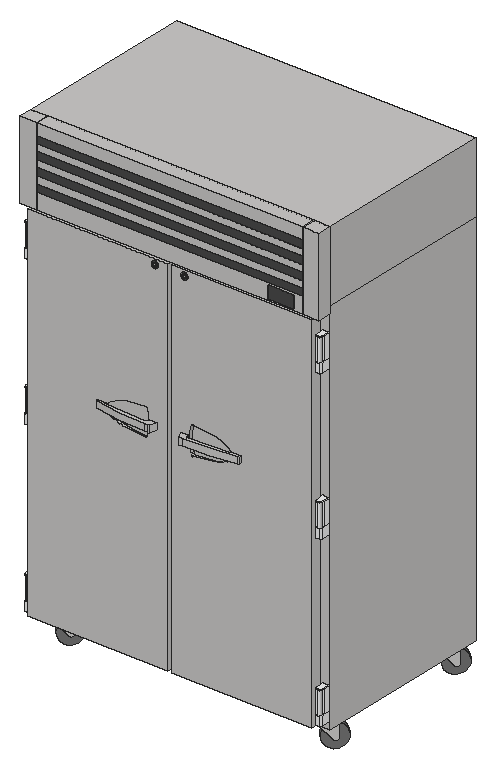
Revit family "QF_Turbo Air_PRO-50F", category Specialty Equipment, Revit 2014
Parameters
  Width = 4' - 3 3/4"  # constant formula
  Weight in Pounds = 496
  Watermarked By = ""
  Volts = 115 V
  URL Cutsheet = ""
  URL = "www.turboairinc.com"
  Status [instance] = ""
  Specification by User [instance] = ""
  Specification by Manufacturer [instance] = ""
  Serial Number [instance] = ""
  Revision Code [instance] = ""
  Phase = 1
  Overall Height [instance] = Box Height + CasterLeg Height  # 6' - 11"
  Number of Poles [instance] = 1
  NAFEM Spec ID Number [instance] = ""
  Model = "PRO-50F"
  Masterspec [instance] = ""
  Manufacturer = "Turbo Air"  # constant formula
  Door Height = 5' - 3 1/4"  # constant formula
  Description = "Freezer, Reach In"
  Assembly Code = "E1090320"
  6 inch Legs [instance] = no
  Item Number [instance] = "-"
  Installed By [instance] = ""
  HP = "1 1/4"
  Furnished By [instance] = ""
  Foodservice Equipment Identifier = yes
  FL Amps = 10.5 A
  Electrical Remarks [instance] = ""
  Electric Connection Type = ""
  Elec Conn RI Height [instance] = 0' - 0"
  Elec Conn Connection Height = 6' - 4 7/8"
  Cycle = 60 Hz
  Conn Plug = "NEMA 5-15P"
  Casters [instance] = not([6 inch Legs])  # yes
  CasterLeg Height [instance] = if(or([5 inch Casters], [6 inch Legs]), 0' 6", 0' 5")  # 0' - 5"
  CSI MasterFormat = "11 41 13"
  Box Height = 6' - 6"  # constant formula
  Apparent Power = if(Phase = 3, Volts * FL Amps * 1.73, Volts * FL Amps)  # 1207.5 VA
  5 inch Casters [instance] = no
Reference planes (in)
  plane 1 "BACK": y = 0
  plane 2: z = 0
  plane 3 "LEFT": x = -16.56573
  plane 4 "RIGHT": x = 35.18427
  plane 5 "FRONT": y = -33.875
  plane 6 "Box Front": y = -31.5
  plane 7 "Door Clearance": y = -57.75
  plane 8 "TOP": z = 83
  plane 9 "Box Bottom": z = 5
  plane 10 "Door Bottom": z = 5.875
  plane 11 "Door Top": z = 69.125
  plane 12 "Inside Left": x = -14.56573
  plane 13 "Inside Right": x = 33.18427
  plane 14 "Inside Back": y = -2
  plane 15 "Inside Front": y = -29.5
  plane 16 "Inside Top": z = 70.75
  plane 17 "Center LR": x = 9.30927
  plane 18 "Cowl Bottom": z = 69.5
  plane 19 "Left Door Left": x = -15.31573
  plane 20 "Left Door Right": x = 8.93427
  plane 21 "Right Door Left": x = 9.68427
  plane 22 "Right Door Right": x = 33.93427
Forms (in)
  Extrusion 1, solid, material "QF_Stainless-Polished"
    sketch origin (0, 0, 5) x (0, 1, 0) y (-1, 0, 0)
      loop
        line (-31.5, 16.56573) -> (-31.5, 13.81573) -> (-29.5, 13.81573) -> (-29.5, 14.56573) -> (-2, 14.56573) -> (-2, -33.18427) -> (-29.5, -33.18427) -> (-29.5, -32.43427) -> (-31.5, -32.43427) -> (-31.5, -35.18427) -> (0, -35.18427) -> (0, 16.56573) -> (-31.5, 16.56573)
    from 0 to 65.75
  Extrusion 2, solid, material "QF_Stainless-Polished"
    sketch origin (-14.56573, 0, 0) x (0, 1, 0) y (0, 0, 1)
      loop
        line (-29.5, 7.75) -> (-29.5, 5) -> (-2, 5) -> (-2, 7.75) -> (-29.5, 7.75)
      loop
        line (-29.5, 70.75) -> (-29.5, 69.375) -> (-2, 69.375) -> (-2, 70.75) -> (-29.5, 70.75)
    from 0 to 47.75
  Extrusion 3, solid, material "QF_Stainless-Polished"
    sketch origin (-14.56573, 0, 0) x (0, 1, 0) y (0, 0, 1)
      loop
        line (-29.5, 5) -> (-29.5, 8.25) -> (-31.5, 8.25) -> (-31.5, 5) -> (-29.5, 5)
      loop
        line (-31.5, 70.75) -> (-31.5, 67) -> (-29.5, 67) -> (-29.5, 70.75) -> (-31.5, 70.75)
    from 0.75 to 47
  Extrusion 4, solid, material "QF_Stainless-Polished"
    sketch origin (0, 0, 83) x (0, 1, 0) y (-1, 0, 0)
      loop
        line (0, 16.56573) -> (-31.5, 16.56573) -> (-31.5, -35.18427) -> (0, -35.18427) -> (0, 16.56573)
    from 0 to -12.25
  Extrusion 5, solid, material "QF_Stainless-Polished"
    sketch origin (-14.56573, 0, 0) x (0, 1, 0) y (0, 0, 1)
      loop
        line (-2, 69.375) -> (-27.25, 69.375) -> (-25, 68.125) -> (-13.25, 68.125) -> (-3.25, 65.625) -> (-2, 65.625) -> (-2, 69.375)
    from 0 to 47.75
  Extrusion 6, solid, material "QF_Stainless-Polished"
    sketch origin (9.30927, 0, 0) x (0, 1, 0) y (0, 0, 1)
      loop
        line (-3.25, 65.625) -> (-3.25, 28.875) -> (-2, 28.875) -> (-2, 65.625) -> (-3.25, 65.625)
    from 0.25 to -0.25
  Extrusion 7, solid, material "QF_Plastic-Black-Fine Textured"
    sketch origin (0, -31.5, 0) x (1, 0, 0) y (0, 0, 1)
      loop
        line (-14.31573, 67.75) -> (-14.31573, 7.25) -> (7.93427, 7.25) -> (7.93427, 67.75) -> (-14.31573, 67.75)
      loop
        line (32.93427, 7.25) -> (32.93427, 67.75) -> (10.68427, 67.75) -> (10.68427, 7.25) -> (32.93427, 7.25)
      loop
        line (-14.56573, 7) -> (8.18427, 7) -> (8.18427, 68) -> (-14.56573, 68) -> (-14.56573, 7)
      loop
        line (33.18427, 68) -> (10.43427, 68) -> (10.43427, 7) -> (33.18427, 7) -> (33.18427, 68)
    from 0 to 0.625
  Extrusion 8, solid, material "QF_Stainless-Polished"
    sketch origin (0, -31.5, 0) x (1, 0, 0) y (0, 0, 1)
      loop
        line (-16.56573, 83) -> (-16.56573, 69.5) -> (-13.75323, 69.5) -> (-13.75323, 83) -> (-16.56573, 83)
      loop
        line (35.18427, 83) -> (32.37177, 83) -> (32.37177, 69.5) -> (35.18427, 69.5) -> (35.18427, 83)
    from 0 to 2.375
  Extrusion 9, solid, material "QF_Stainless-Polished"
    sketch origin (0, -31.5, 0) x (1, 0, 0) y (0, 0, 1)
      loop
        line (-13.75323, 83) -> (-13.75323, 81) -> (32.37177, 81) -> (32.37177, 83) -> (-13.75323, 83)
      loop
        line (-13.75323, 69.5) -> (32.37177, 69.5) -> (32.37177, 72.25) -> (-13.75323, 72.25) -> (-13.75323, 69.5)
      loop
        arc (30.87177, 71.75) -> (30.81686, 71.88258) -> (30.68427, 71.9375) r 0.1875
        line (30.68427, 71.9375) -> (26.55927, 71.9375)
        arc (26.55927, 71.9375) -> (26.42669, 71.88258) -> (26.37177, 71.75) r 0.1875
        line (26.37177, 71.75) -> (26.37177, 69.9375)
        arc (26.37177, 69.9375) -> (26.42669, 69.80492) -> (26.55927, 69.75) r 0.1875
        line (26.55927, 69.75) -> (30.68427, 69.75)
        arc (30.68427, 69.75) -> (30.81686, 69.80492) -> (30.87177, 69.9375) r 0.1875
        line (30.87177, 69.9375) -> (30.87177, 71.75)
    from 0 to 2.375
  Extrusion 10, solid, material "QF_Stainless-Polished"
    sketch origin (0, -31.5, 0) x (1, 0, 0) y (0, 0, 1)
      loop
        line (-13.75323, 79.6875) -> (-13.75323, 78.5625) -> (32.37177, 78.5625) -> (32.37177, 79.6875) -> (-13.75323, 79.6875)
      loop
        line (32.37177, 77.1875) -> (-13.75323, 77.1875) -> (-13.75323, 76.0625) -> (32.37177, 76.0625) -> (32.37177, 77.1875)
      loop
        line (32.37177, 74.6875) -> (-13.75323, 74.6875) -> (-13.75323, 73.5625) -> (32.37177, 73.5625) -> (32.37177, 74.6875)
    from 0 to 2.375
  Extrusion 11, solid, material "QF_Plastic-Black-Fine Textured"
    sketch origin (0, -31.5, 0) x (1, 0, 0) y (0, 0, 1)
      loop
        line (-13.75323, 81) -> (-13.75323, 79.6875) -> (32.37177, 79.6875) -> (32.37177, 81) -> (-13.75323, 81)
      loop
        line (-13.75323, 78.5625) -> (-13.75323, 77.1875) -> (32.37177, 77.1875) -> (32.37177, 78.5625) -> (-13.75323, 78.5625)
      loop
        line (-13.75323, 76.0625) -> (-13.75323, 74.6875) -> (32.37177, 74.6875) -> (32.37177, 76.0625) -> (-13.75323, 76.0625)
      loop
        line (-13.75323, 73.5625) -> (-13.75323, 72.25) -> (32.37177, 72.25) -> (32.37177, 73.5625) -> (-13.75323, 73.5625)
    from 0 to 2.375
  Extrusion 12, solid, material "QF_Plastic-Black-Fine Textured"
    sketch origin (0, -31.5, 0) x (1, 0, 0) y (0, 0, 1)
      loop
        arc (26.55927, 71.9375) -> (26.42669, 71.88258) -> (26.37177, 71.75) r 0.1875
        line (26.37177, 71.75) -> (26.37177, 69.9375)
        arc (26.37177, 69.9375) -> (26.42669, 69.80492) -> (26.55927, 69.75) r 0.1875
        line (26.55927, 69.75) -> (30.68427, 69.75)
        arc (30.68427, 69.75) -> (30.81686, 69.80492) -> (30.87177, 69.9375) r 0.1875
        line (30.87177, 69.9375) -> (30.87177, 71.75)
        arc (30.87177, 71.75) -> (30.81686, 71.88258) -> (30.68427, 71.9375) r 0.1875
        line (30.68427, 71.9375) -> (26.55927, 71.9375)
    from 0 to 2.375
  Extrusion 13, solid, material "QF_Clearance", detail levels coarse+medium
    sketch origin (0, 0, 5.875) x (0, 1, 0) y (-1, 0, 0)
      loop
        line (-33.875, 16.56573) -> (-57.75, 16.56573)
        arc (-57.75, 16.56573) -> (-51.23446, -1.26072) -> (-33.875, -8.93427) r 24.25
        line (-33.875, -8.93427) -> (-33.875, 16.56573)
    from 0 to 63.25
  Extrusion 14, solid, material "QF_Clearance", detail levels coarse+medium
    sketch origin (26.25, 0, 5.875) x (0, 1, 0) y (-1, 0, 0)
      loop
        arc (-33.875, 16.56573) -> (-51.23446, 8.89217) -> (-57.75, -8.93427) r 24.25
        line (-57.75, -8.93427) -> (-33.875, -8.93427) -> (-33.875, 16.56573)
    from 0 to 63.25
  Extrusion 15, solid, material "QF_Stainless-Polished"
    sketch origin (0, -31.5, 0) x (1, 0, 0) y (0, 0, 1)
      loop
        line (11.24677, 67) -> (7.37177, 67) -> (7.37177, 8.25) -> (11.24677, 8.25) -> (11.24677, 67)
    from 0 to -2
Lines and regions (in)
  symbolic lines
    curve 1: line (-16.56573, 0, 83) -> (35.18427, 0, 83)
    curve 2: line (-16.56573, -33.875, 83) -> (-16.56573, 0, 83)
    curve 3: line (35.18427, -33.875, 83) -> (-16.56573, -33.875, 83)
    curve 4: line (35.18427, 0, 83) -> (35.18427, -33.875, 83)
  symbolic lines, style "QF_Clearances_Door_Drawer"
    curve 5: line (-16.56573, -33.875, 5.875) -> (-16.56573, -57.75, 5.875)
    curve 6: arc (-16.56573, -57.75, 5.875) -> (1.26072, -51.23446, 5.875) -> (8.93427, -33.875, 5.875) r 24.25
    curve 7: arc (9.68427, -33.875, 5.875) -> (17.35783, -51.23446, 5.875) -> (35.18427, -57.75, 5.875) r 24.25
    curve 8: line (35.18427, -57.75, 5.875) -> (35.18427, -33.875, 5.875)
Dimensions and locks (in)
  "Width": plane 4 "RIGHT" to plane 3 "LEFT"
  plane 5 "FRONT" to plane 6 "Box Front" = 0' - 2 3/8"
  locked: plane 7 "Door Clearance" to plane 5 "FRONT" at 23.875
  "CasterLeg Height": plane 9 "Box Bottom" to level
  locked: plane 10 "Door Bottom" to plane 9 "Box Bottom" at 0.875
  "Box Height": plane 8 "TOP" to plane 9 "Box Bottom"
  locked: plane 8 "TOP" to plane 11 "Door Top" at 13.875
  locked: plane 3 "LEFT" to plane 12 "Inside Left" at 2
  locked: plane 13 "Inside Right" to plane 4 "RIGHT" at 2
  locked: plane 14 "Inside Back" to plane 1 "BACK" at 2
  plane 6 "Box Front" to plane 15 "Inside Front" = 0' - 2"
  locked: plane 12 "Inside Left" to Extrusion 1 sketch curve at 0.75
  locked: Extrusion 1 sketch curve to plane 13 "Inside Right" at 0.75
  locked: plane 8 "TOP" to plane 16 "Inside Top" at 12.25
  locked: plane 9 "Box Bottom" to Extrusion 2 sketch curve at 2.75
  locked: Extrusion 3 sketch curve to plane 9 "Box Bottom" at 3.25
  locked: plane 16 "Inside Top" to Extrusion 2 sketch curve at 1.375
  locked: Extrusion 3 sketch curve to plane 16 "Inside Top" at 3.75
  locked: plane 16 "Inside Top" to Extrusion 5 sketch curve at 1.375
  locked: Extrusion 5 sketch curve to Extrusion 5 sketch curve at 1.25
  locked: Extrusion 5 sketch curve to Extrusion 5 sketch curve at 11.75
  locked: Extrusion 5 sketch curve to plane 14 "Inside Back" at 25.25
  locked: Extrusion 5 sketch curve to plane 14 "Inside Back" at 1.25
  locked: Extrusion 5 sketch curve to plane 14 "Inside Back" at 11.25
  locked: Extrusion 5 sketch curve to Extrusion 5 sketch curve at 3.75
  equal spacing: plane 3 "LEFT", plane 17 "Center LR", plane 4 "RIGHT"
  locked: plane 16 "Inside Top" to Extrusion 6 sketch curve at 5.125
  locked: Extrusion 6 sketch curve to Extrusion 6 sketch curve at 36.75
  locked: Extrusion 6 sketch curve to plane 14 "Inside Back" at 1.25
  locked: Extrusion 7 sketch curve to Extrusion 7 sketch curve at 0.25  (x8)
  locked: Extrusion 7 sketch curve to plane 3 "LEFT" at 2
  locked: Extrusion 7 sketch curve to plane 4 "RIGHT" at 2
  locked: plane 11 "Door Top" to Extrusion 7 sketch curve at 1.125  (x2)
  locked: Extrusion 7 sketch curve to plane 10 "Door Bottom" at 1.125  (x2)
  locked: plane 18 "Cowl Bottom" to plane 11 "Door Top" at 0.375
  locked: plane 3 "LEFT" to nested 1 at 3
  locked: nested 1 to plane 1 "BACK" at 2.5
  locked: plane 3 "LEFT" to nested 2 at 3
  locked: plane 6 "Box Front" to nested 2 at 2.8125
  locked: nested 3 to plane 4 "RIGHT" at 3
  locked: nested 3 to plane 1 "BACK" at 2.5
  locked: nested 4 to plane 4 "RIGHT" at 3
  locked: plane 6 "Box Front" to nested 4 at 2.8125
  locked: plane 3 "LEFT" to Extrusion 8 sketch curve at 2.8125
  locked: Extrusion 8 sketch curve to plane 4 "RIGHT" at 2.8125
  locked: Extrusion 9 sketch curve to plane 3 "LEFT" at 2.8125  (x2)
  locked: plane 8 "TOP" to Extrusion 9 sketch curve at 2
  locked: Extrusion 9 sketch curve to plane 4 "RIGHT" at 2.8125  (x2)
  locked: Extrusion 9 sketch curve to plane 18 "Cowl Bottom" at 2.75
  locked: Extrusion 9 sketch curve to Extrusion 9 sketch curve at 4.5
  locked: Extrusion 9 sketch curve to plane 4 "RIGHT" at 4.3125
  locked: Extrusion 9 sketch curve to Extrusion 9 sketch curve at 2.1875
  locked: Extrusion 9 sketch curve to Extrusion 9 sketch curve at 0.3125
  locked: Extrusion 10 sketch curve to plane 3 "LEFT" at 2.8125  (x3)
  locked: Extrusion 10 sketch curve to plane 4 "RIGHT" at 2.8125  (x3)
  locked: plane 8 "TOP" to Extrusion 10 sketch curve at 3.3125
  locked: Extrusion 10 sketch curve to Extrusion 10 sketch curve at 1.125  (x3)
  locked: Extrusion 10 sketch curve to Extrusion 10 sketch curve at 1.375  (x2)
  locked: plane 3 "LEFT" to plane 19 "Left Door Left" at 1.25
  locked: plane 19 "Left Door Left" to plane 20 "Left Door Right" at 24.25
  locked: plane 22 "Right Door Right" to plane 4 "RIGHT" at 1.25
  locked: plane 21 "Right Door Left" to plane 22 "Right Door Right" at 24.25
  locked: plane 16 "Inside Top" to Extrusion 15 sketch curve at 3.75
  Extrusion 15 sketch curve to plane 17 "Center LR" to Extrusion 15 sketch curve = 0' - 1 15/16" locked, 0' - 1 15/16" locked
  locked: Extrusion 15 sketch curve to plane 9 "Box Bottom" at 3.25
  locked: Extrusion 7 sketch curve to plane 20 "Left Door Right" at 0.75
  locked: Extrusion 7 sketch curve to plane 21 "Right Door Left" at 0.75
  locked: plane 6 "Box Front" to plane 1 "BACK" at 31.5
  aligned and locked: level to plane 2
  aligned and locked: Extrusion 1 sketch curve to plane 3 "LEFT"
  aligned and locked: plane 12 "Inside Left" to Extrusion 1 sketch curve
  aligned and locked: Extrusion 1 sketch curve to plane 13 "Inside Right"
  aligned and locked: plane 4 "RIGHT" to Extrusion 1 sketch curve
  aligned and locked: plane 14 "Inside Back" to Extrusion 1 sketch curve
  aligned and locked: Extrusion 1 sketch curve to plane 1 "BACK"
  aligned and locked: Extrusion 1 sketch curve to plane 15 "Inside Front"  (x2)
  aligned and locked: plane 6 "Box Front" to Extrusion 1 sketch curve  (x2)
  aligned and locked: plane 16 "Inside Top" to Extrusion 1
  aligned and locked: plane 9 "Box Bottom" to Extrusion 2 sketch curve
  aligned and locked: plane 15 "Inside Front" to Extrusion 2 sketch curve
  aligned and locked: plane 14 "Inside Back" to Extrusion 2 sketch curve  (x2)
  aligned and locked: plane 13 "Inside Right" to Extrusion 2
  aligned and locked: plane 6 "Box Front" to Extrusion 3 sketch curve  (x2)
  aligned and locked: Extrusion 3 sketch curve to plane 9 "Box Bottom"
  aligned and locked: Extrusion 3 sketch curve to plane 15 "Inside Front"  (x2)
  aligned and locked: Extrusion 3 to Extrusion 1  (x2)
  aligned and locked: Extrusion 2 sketch curve to plane 16 "Inside Top"
  aligned and locked: Extrusion 2 sketch curve to plane 15 "Inside Front"
  aligned and locked: plane 16 "Inside Top" to Extrusion 3 sketch curve
  aligned and locked: plane 1 "BACK" to Extrusion 4 sketch curve
  aligned and locked: plane 3 "LEFT" to Extrusion 4 sketch curve
  aligned and locked: Extrusion 4 sketch curve to plane 6 "Box Front"
  aligned and locked: Extrusion 4 sketch curve to plane 4 "RIGHT"
  aligned and locked: Extrusion 4 to plane 16 "Inside Top"
  aligned and locked: plane 14 "Inside Back" to Extrusion 5 sketch curve
  aligned and locked: plane 13 "Inside Right" to Extrusion 5
  aligned and locked: Extrusion 6 sketch curve to plane 14 "Inside Back"
  aligned and locked: plane 5 "FRONT" to Extrusion 8
  aligned and locked: plane 3 "LEFT" to curve 2
  aligned and locked: curve 3 to plane 5 "FRONT"
  aligned and locked: curve 4 to plane 4 "RIGHT"
  aligned and locked: plane 1 "BACK" to curve 1
  aligned and locked: plane 18 "Cowl Bottom" to Extrusion 8 sketch curve
  aligned and locked: plane 3 "LEFT" to Extrusion 8 sketch curve
  aligned and locked: Extrusion 8 sketch curve to plane 8 "TOP"
  aligned and locked: plane 8 "TOP" to Extrusion 8 sketch curve
  aligned and locked: plane 4 "RIGHT" to Extrusion 8 sketch curve
  aligned and locked: Extrusion 8 sketch curve to plane 18 "Cowl Bottom"
  aligned and locked: Extrusion 9 sketch curve to plane 8 "TOP"
  aligned and locked: plane 18 "Cowl Bottom" to Extrusion 9 sketch curve
  aligned and locked: plane 5 "FRONT" to Extrusion 9
  aligned and locked: plane 5 "FRONT" to Extrusion 10
  aligned and locked: Extrusion 11 sketch curve to Extrusion 9  (x4)
  aligned and locked: Extrusion 11 sketch curve to Extrusion 10  (x12)
  aligned and locked: plane 5 "FRONT" to Extrusion 11
  aligned and locked: Extrusion 12 sketch curve to Extrusion 9  (x4)
  aligned and locked: plane 5 "FRONT" to Extrusion 12
  aligned and locked: plane 10 "Door Bottom" to nested 5
  aligned and locked: nested 5 to plane 11 "Door Top"
  aligned and locked: plane 3 "LEFT" to nested 5
  aligned and locked: plane 20 "Left Door Right" to nested 5
  aligned and locked: plane 11 "Door Top" to Extrusion 13
  aligned and locked: nested 6 to plane 10 "Door Bottom"
  aligned and locked: plane 4 "RIGHT" to nested 6
  aligned and locked: plane 21 "Right Door Left" to nested 6
  aligned and locked: plane 11 "Door Top" to Extrusion 14
Automatic sketch dimensions
  Extrusion 9 sketch curve to Extrusion 9 sketch curve = 0' - 0 3/16"  (x4)
  curve 5 to plane 3 "LEFT" = 0' - 0"
  plane 7 "Door Clearance" to curve 5 = 0' - 0"
  curve 8 to plane 4 "RIGHT" = 0' - 0"
  plane 7 "Door Clearance" to curve 8 = 0' - 0"
  plane 5 "FRONT" to curve 5 = 0' - 0"
  plane 19 "Left Door Left" to curve 6 = 0' - 0.00242"
  curve 7 to plane 22 "Right Door Right" = 0' - 0.00242"
  Extrusion 13 sketch curve to plane 3 "LEFT" = 0' - 0"
  plane 7 "Door Clearance" to Extrusion 13 sketch curve = 0' - 0"
  plane 5 "FRONT" to Extrusion 13 sketch curve = 0' - 0"
  Extrusion 13 sketch curve to plane 20 "Left Door Right" = 0' - 0"
  plane 19 "Left Door Left" to Extrusion 13 sketch curve = 0' - 0.00242"
  Extrusion 14 sketch curve to plane 4 "RIGHT" = 0' - 0"
  plane 7 "Door Clearance" to Extrusion 14 sketch curve = 0' - 0"
  plane 5 "FRONT" to Extrusion 14 sketch curve = 0' - 0"
  Extrusion 14 sketch curve to plane 21 "Right Door Left" = 0' - 0"
  Extrusion 14 sketch curve to plane 22 "Right Door Right" = 0' - 0.00242"
  plane 5 "FRONT" to curve 6 = 0' - 0"
  curve 6 to plane 20 "Left Door Right" = 0' - 0"
  plane 5 "FRONT" to curve 7 = 0' - 0"
  curve 7 to plane 21 "Right Door Left" = 0' - 0"
  plane 5 "FRONT" to curve 8 = 0' - 0"
Nested families (in)
  nested 1: "FESCasterLeg" at (-13.56573, -2.5, 0), Casters <- "Casters", Legs <- "6 inch Legs", Height <- "CasterLeg Height", type "FESCasterLeg"
    with Legs no, Height 0' - 5", Casters yes, Caster Radius 0' - 2"
  nested 2: "FESCasterLeg" at (-13.56573, -28.6875, 0), Casters <- "Casters", Legs <- "6 inch Legs", Height <- "CasterLeg Height", type "FESCasterLeg"
    with Legs no, Height 0' - 5", Casters yes, Caster Radius 0' - 2"
  nested 3: "FESCasterLeg" at (32.18427, -2.5, 0), Casters <- "Casters", Legs <- "6 inch Legs", Height <- "CasterLeg Height", type "FESCasterLeg"
    with Legs no, Height 0' - 5", Casters yes, Caster Radius 0' - 2"
  nested 4: "FESCasterLeg" at (32.18427, -28.6875, 0), Casters <- "Casters", Legs <- "6 inch Legs", Height <- "CasterLeg Height", type "FESCasterLeg"
    with Legs no, Height 0' - 5", Casters yes, Caster Radius 0' - 2"
  nested 5: "QF_Turbo Air_RI-Solid Door" at (-7.63145, -32.125, 5.875) x (-1, 0, 0) z (0, 0, 1), Height <- "Door Height", type "QF_Turbo Air_RI-Solid Door"
    with Width 2' - 0 1/4", Symbolic Lines Handle yes, Symbolic Lines no, Height 5' - 3 1/4", Handle From Top 2' - 1 7/8", Center Hinge yes
  nested 6: "QF_Turbo Air_RI-Solid Door" at (26.25, -32.125, 5.875), Height <- "Door Height", type "QF_Turbo Air_RI-Solid Door"
    with Width 2' - 0 1/4", Symbolic Lines Handle yes, Symbolic Lines no, Height 5' - 3 1/4", Handle From Top 2' - 1 7/8", Center Hinge yes
Connectors (in)
  electrical at (9.30927, 0, 76.875)
    settings: on Extrusion 4, index 1, voltage 0 V, apparent load 0 VA, apparent load phase1 0 VA, apparent load phase2 0 VA, apparent load phase3 0 VA, power factor 1, load classification "Other", number of poles 1, system type 31, power factor state 1, is connector primary yes, connector utility no, sub classification motor no, connector description ""
Definition of nested family "FESCasterLeg"
  Parameters
    Watermarked By = "http://revitwatermark.com"
    Type Comments = ""
    Legs [instance] = yes
    Height [instance] = 0' - 6"
    Caster Radius [instance] = if(Height < 0' 3", 0' 1", (Height / 2) - 0' 0 1/2")  # 0' - 2 1/2"
    Casters [instance] = yes
    Assembly Code = ""
  Reference planes (in)
    plane 1 "Center (Front/Back)": y = 0
    plane 2: z = 0
    plane 3 "Center (Left/Right)": x = 0
    plane 4: z = 6
    plane 5: z = 5.5
  Forms (in)
    Extrusion 1, solid, material "QF_Stainless-Polished", visible <- "Casters"
      sketch origin (-24.12131, -22.88887, 10.18833) x (0.707107, 0.707107, 0) y (0, 0, 1)
        loop
          line (34.98772, -7.68833) -> (34.98772, -4.93833) -> (34.48772, -4.93833) -> (34.39402, -4.68833) -> (32.39402, -4.68833) -> (32.39402, -5.43833) -> (33.98772, -7.34206) -> (33.98772, -7.68833)
          arc (33.98772, -7.68833) -> (34.48772, -8.18833) -> (34.98772, -7.68833) r 0.5
      from 0 to 1.75
    Extrusion 2, solid, material "QF_Rubber-Black", visible <- "Casters"
      sketch origin (-24.32327, -23.09083, 13.31461) x (0.707107, 0.707107, 0) y (0, 0, 1)
        loop
          circle (34.77334, -10.81461) r 2.5
      from 0.375 to 1.375
    Extrusion 3, solid, material "QF_Stainless-Polished", visible <- "Casters"
      sketch origin (-7.24148, -8.48391, 0) x (0.707107, 0.707107, 0) y (0, 0, 1)
        loop
          line (10.61603, 5.5) -> (11.61603, 5.5) -> (11.61603, 6) -> (10.61603, 6) -> (10.61603, 5.5)
      from 0 to -1.75
    Blend 4, solid, material "QF_Stainless-Polished", visible <- "Legs"
      base sketch origin (0, 0, 0) x (1, 0, 0) y (0, 1, 0)
        loop
          circle (0, 0) r 0.5
      top sketch origin (0, 0, 0) x (1, 0, 0) y (0, 1, 0)
        loop
          circle (0, 0) r 1
      from 0 to 6 <- "Height"
  Lines and regions (in)
    symbolic lines, style "QF_Details_Undercounter", visible <- "Casters", built-in parameter 1006206 <- "Casters"
      curve 1: line (-1.26158, -0.51911, 0) -> (1.39007, 2.13254, 0)
      curve 2: line (-0.53429, -1.24639, 0) -> (2.11736, 1.40526, 0)
    symbolic lines, style "QF_Details_Undercounter", built-in parameter 1006206 <- "Casters", visible <- "Casters"
      curve 3: line (-1.26158, -0.51911, 0) -> (1.39007, 2.13254, 0)
      curve 4: line (-0.53429, -1.24639, 0) -> (2.11736, 1.40526, 0)
  Dimensions and locks (in)
    locked: plane 4 to plane 5 at 0.5
    "Height": plane 4 to level
    "Caster Radius": Extrusion 2 sketch curve to level
    "Caster Radius": Extrusion 1 sketch curve to level
    "Caster Radius": radius of Extrusion 2 sketch curve
    aligned and locked: plane 2 to level
    aligned: Blend 4 to Extrusion 3
    aligned and locked: plane 4 to Blend 4
    aligned and locked: Extrusion 3 to plane 5
    aligned and locked: plane 4 to Extrusion 3
    aligned and locked: plane 5 to Extrusion 1
  Automatic sketch dimensions
    plane 1 "Center (Front/Back)" to curve 3 = 0' - 0.51911"
    curve 3 to plane 3 "Center (Left/Right)" = 0' - 1.26158"
    plane 1 "Center (Front/Back)" to curve 1 = 0' - 0.51911"
    curve 1 to curve 3 = 0' - 0"  (x3)
    curve 4 to plane 3 "Center (Left/Right)" = 0' - 0.53429"
    curve 2 to curve 4 = 0' - 0"  (x2)
    plane 3 "Center (Left/Right)" to curve 3 = 0' - 1.39007"
    curve 1 to curve 4 = 0' - 0.72729"
    curve 2 to curve 1 = 0' - 0.72729"
    curve 4 to curve 2 = 0' - 0"  (x2)
    curve 2 to plane 1 "Center (Front/Back)" = 0' - 1.40526"
    curve 2 to curve 3 = 0' - 0.72729"
    Extrusion 3 sketch curve to plane 5 = 0' - 0"
    plane 4 to Extrusion 3 sketch curve = 0' - 0"
    Extrusion 3 sketch curve to Extrusion 3 sketch curve = 0' - 1"
    plane 1 "Center (Front/Back)" to Blend 4 sketch curve = 0' - 0"  (x2)
    Blend 4 sketch curve to plane 3 "Center (Left/Right)" = 0' - 0"  (x2)
    Extrusion 1 sketch curve to plane 5 = 0' - 0"
    Extrusion 1 sketch curve to plane 5 = 0' - 2.65373"
    Extrusion 1 sketch curve to Extrusion 1 sketch curve = 0' - 1.5937"
    Extrusion 1 sketch curve to Extrusion 1 sketch curve = 0' - 2"
    Extrusion 1 sketch curve to Extrusion 1 sketch curve = 0' - 0.0937"
    Extrusion 1 sketch curve to Extrusion 1 sketch curve = 0' - 0 1/2"
    Extrusion 1 sketch curve to plane 5 = 0' - 0 3/4"
    Extrusion 1 sketch curve to plane 5 = 0' - 0 1/4"
    radius of Blend 4 sketch curve = 0' - 0 1/2"
    radius of Blend 4 sketch curve = 0' - 1"
Definition of nested family "QF_Turbo Air_RI-Solid Door"
  Parameters (values of type "QF_Turbo Air_RI-Solid Door")
    Width [instance] = 2' - 2 1/4"
    Watermarked By = ""
    Symbolic Lines Handle [instance] = yes
    Symbolic Lines [instance] = yes
    Height [instance] = 5' - 3 1/4"
    Handle From Top [instance] = 2' - 1 7/8"
    Center Hinge [instance] = yes
  Reference planes (in)
    plane 1 "Door Back": y = 0
    plane 2: z = 0
    plane 3 "LEFT": x = -16.56573
    plane 4 "Door Front": y = -1.75
    plane 5 "Handle Front": y = -3.0625
    plane 6 "Door Right": x = 9.68427
    plane 7 "TOP": z = 63.25
    plane 8 "Handle Elevation": z = 37.375
    plane 9 "Hinge Right": x = 10.93427
    plane 10 "Top Hinge Top": z = 60.75
    plane 11 "Top Hinge Bottom": z = 55
    plane 12: z = 56.625
    plane 13 "Center TB": z = 31.625
    plane 14 "Center Hinge Top": z = 35.0625
    plane 15 "Center Hinge Bottom": z = 29.3125
    plane 16: z = 30.9375
    plane 17 "Bottom Hinge Top": z = 6
    plane 18 "Bottom Hinge Bottom": z = 0.25
    plane 19: z = 1.875
    plane 20 "Hinges Front": y = -1.1875
    plane 21 "Hinges Back": y = 0.625
  Forms (in)
    Extrusion 1, solid, material "QF_Stainless-Polished"
      sketch origin (0, 0, 0) x (1, 0, 0) y (0, 0, 1)
        loop
          line (-16.56573, 63.25) -> (-16.56573, 0) -> (9.68427, 0) -> (9.68427, 63.25) -> (-16.56573, 63.25)
        loop
          arc (-13.15519, 39.61272) -> (-13.41636, 38.50742) -> (-13.50323, 37.375) r 7.3125
          arc (-13.50323, 37.375) -> (-13.41636, 36.24258) -> (-13.15519, 35.13728) r 7.3125
          arc (-13.15519, 35.13728) -> (-13.01711, 34.94724) -> (-12.79306, 34.87662) r 0.375
          arc (-12.79306, 34.87662) -> (-11.04564, 34.98179) -> (-9.31573, 35.25) r 18.6875
          arc (-9.31573, 35.25) -> (-7.55515, 35.84984) -> (-6.00323, 36.875) r 7.30243
          arc (-6.00323, 36.875) -> (-5.85876, 37.375) -> (-6.00323, 37.875) r 0.9375
          arc (-6.00323, 37.875) -> (-7.55515, 38.90016) -> (-9.31573, 39.5) r 7.30243
          arc (-9.31573, 39.5) -> (-11.04564, 39.76821) -> (-12.79306, 39.87338) r 18.6875
          arc (-12.79306, 39.87338) -> (-13.01711, 39.80276) -> (-13.15519, 39.61272) r 0.375
      from 0 to 1.75
    Extrusion 2, solid, material "QF_Stainless-Polished"
      sketch origin (0, 0, 0) x (1, 0, 0) y (0, 0, 1)
        loop
          arc (-13.15519, 39.61272) -> (-13.41636, 38.50742) -> (-13.50323, 37.375) r 7.3125
          arc (-13.50323, 37.375) -> (-13.41636, 36.24258) -> (-13.15519, 35.13728) r 7.3125
          arc (-13.15519, 35.13728) -> (-13.01711, 34.94724) -> (-12.79306, 34.87662) r 0.375
          arc (-12.79306, 34.87662) -> (-11.04564, 34.98179) -> (-9.31573, 35.25) r 18.6875
          arc (-9.31573, 35.25) -> (-7.55515, 35.84984) -> (-6.00323, 36.875) r 7.30243
          arc (-6.00323, 36.875) -> (-5.85876, 37.375) -> (-6.00323, 37.875) r 0.9375
          arc (-6.00323, 37.875) -> (-7.55515, 38.90016) -> (-9.31573, 39.5) r 7.30243
          arc (-9.31573, 39.5) -> (-11.04564, 39.76821) -> (-12.79306, 39.87338) r 18.6875
          arc (-12.79306, 39.87338) -> (-13.01711, 39.80276) -> (-13.15519, 39.61272) r 0.375
      from 0 to 1.25
    Extrusion 3, solid, material "QF_Stainless-Polished"
      sketch origin (0, 0, 37.375) x (0, 1, 0) y (-1, 0, 0)
        loop
          line (-1.75, 14.806) -> (-2.93294, 14.42164)
          arc (-2.93294, 14.42164) -> (-3.02669, 14.35352) -> (-3.0625, 14.24331) r 0.1875
          line (-3.0625, 14.24331) -> (-3.0625, 13.62954)
          arc (-3.0625, 13.62954) -> (-2.88483, 9.14446) -> (-2.21868, 4.70557) r 41.0625
          arc (-2.21868, 4.70557) -> (-2.15347, 4.59812) -> (-2.03505, 4.55599) r 0.1875
          line (-2.03505, 4.55599) -> (-1.75, 4.55599) -> (-1.75, 5.93099) -> (-1.83987, 5.93099)
          arc (-1.83987, 5.93099) -> (-1.96178, 5.97604) -> (-2.02512, 6.08952) r 0.1875
          arc (-2.02512, 6.08952) -> (-2.42253, 9.66014) -> (-2.50243, 13.25191) r 40.5625
          arc (-2.50243, 13.25191) -> (-2.47714, 13.3419) -> (-2.41155, 13.4085) r 0.1875
          line (-2.41155, 13.4085) -> (-1.75, 13.806) -> (-1.75, 14.806)
      from -0.5625 to 0.5625
    Extrusion 4, solid, material "QF_Steel-Chrome Plated"
      sketch origin (0, 0, 0.25) x (0, 1, 0) y (-1, 0, 0)
        loop
          line (0.625, -10.81225) -> (0.625, -9.7438) -> (-0.75, -9.80927) -> (-1.1875, -9.9342) -> (-1.1875, -10.62185) -> (-0.75, -10.74677) -> (0.625, -10.81225)
      from 0 to 1.625
    Extrusion 5, solid, material "QF_Steel-Chrome Plated"
      sketch origin (0, 0, 6) x (0, 1, 0) y (-1, 0, 0)
        loop
          line (-0.5625, -9.68427) -> (-1.1875, -9.68427) -> (-1.1875, -10.27802)
          arc (-1.1875, -10.27802) -> (-0.875, -10.59052) -> (-0.5625, -10.27802) r 0.3125
          line (-0.5625, -10.27802) -> (-0.5625, -9.68427)
      from -0.125 to -4.125
    Extrusion 6, solid, material "QF_Steel-Chrome Plated"
      sketch origin (0, 0, 6) x (0, 1, 0) y (-1, 0, 0)
        loop
          line (0.625, -9.7438) -> (-0.25, -9.78547) -> (-0.25, -10.77058) -> (0.625, -10.81225) -> (0.625, -9.7438)
      from -0.125 to -4.125
    Extrusion 7, solid, material "QF_Steel-Chrome Plated"
      sketch origin (0, 0, 6) x (0, 1, 0) y (-1, 0, 0)
        loop
          line (0.625, -10.81225) -> (0.625, -9.7438) -> (-0.75, -9.80927) -> (-1.1875, -9.9342) -> (-1.1875, -10.62185) -> (-0.75, -10.74677) -> (0.625, -10.81225)
      from 0 to -0.125
    Extrusion 8, solid, material "QF_Steel-Chrome Plated", visible <- "Center Hinge"
      sketch origin (0, 0, 29.3125) x (0, 1, 0) y (-1, 0, 0)
        loop
          line (0.625, -10.81225) -> (0.625, -9.7438) -> (-0.75, -9.80927) -> (-1.1875, -9.9342) -> (-1.1875, -10.62185) -> (-0.75, -10.74677) -> (0.625, -10.81225)
      from 0 to 1.625
    Extrusion 9, solid, material "QF_Steel-Chrome Plated", visible <- "Center Hinge"
      sketch origin (0, 0, 35.0625) x (0, 1, 0) y (-1, 0, 0)
        loop
          line (-0.5625, -9.68427) -> (-1.1875, -9.68427) -> (-1.1875, -10.27802)
          arc (-1.1875, -10.27802) -> (-0.875, -10.59052) -> (-0.5625, -10.27802) r 0.3125
          line (-0.5625, -10.27802) -> (-0.5625, -9.68427)
      from -0.125 to -4.125
    Extrusion 10, solid, material "QF_Steel-Chrome Plated", visible <- "Center Hinge"
      sketch origin (0, 0, 35.0625) x (0, 1, 0) y (-1, 0, 0)
        loop
          line (0.625, -9.7438) -> (-0.25, -9.78547) -> (-0.25, -10.77058) -> (0.625, -10.81225) -> (0.625, -9.7438)
      from -0.125 to -4.125
    Extrusion 11, solid, material "QF_Steel-Chrome Plated", visible <- "Center Hinge"
      sketch origin (0, 0, 35.0625) x (0, 1, 0) y (-1, 0, 0)
        loop
          line (0.625, -10.81225) -> (0.625, -9.7438) -> (-0.75, -9.80927) -> (-1.1875, -9.9342) -> (-1.1875, -10.62185) -> (-0.75, -10.74677) -> (0.625, -10.81225)
      from 0 to -0.125
    Extrusion 12, solid, material "QF_Steel-Chrome Plated"
      sketch origin (0, 0, 55) x (0, 1, 0) y (-1, 0, 0)
        loop
          line (0.625, -10.81225) -> (0.625, -9.7438) -> (-0.75, -9.80927) -> (-1.1875, -9.9342) -> (-1.1875, -10.62185) -> (-0.75, -10.74677) -> (0.625, -10.81225)
      from 0 to 1.625
    Extrusion 13, solid, material "QF_Steel-Chrome Plated"
      sketch origin (0, 0, 60.75) x (0, 1, 0) y (-1, 0, 0)
        loop
          line (-0.5625, -9.68427) -> (-1.1875, -9.68427) -> (-1.1875, -10.27802)
          arc (-1.1875, -10.27802) -> (-0.875, -10.59052) -> (-0.5625, -10.27802) r 0.3125
          line (-0.5625, -10.27802) -> (-0.5625, -9.68427)
      from -0.125 to -4.125
    Extrusion 14, solid, material "QF_Steel-Chrome Plated"
      sketch origin (0, 0, 60.75) x (0, 1, 0) y (-1, 0, 0)
        loop
          line (0.625, -9.7438) -> (-0.25, -9.78547) -> (-0.25, -10.77058) -> (0.625, -10.81225) -> (0.625, -9.7438)
      from -0.125 to -4.125
    Extrusion 15, solid, material "QF_Steel-Chrome Plated"
      sketch origin (0, 0, 60.75) x (0, 1, 0) y (-1, 0, 0)
        loop
          line (0.625, -10.81225) -> (0.625, -9.7438) -> (-0.75, -9.80927) -> (-1.1875, -9.9342) -> (-1.1875, -10.62185) -> (-0.75, -10.74677) -> (0.625, -10.81225)
      from 0 to -0.125
    Extrusion 16, void
      sketch origin (0, 0, 0) x (1, 0, 0) y (0, 0, 1)
        loop
          circle (-14.37823, 62.3125) r 0.5625
        loop
          circle (-14.37823, 62.3125) r 0.3125
      from 0 to 1.75
    Extrusion 17, solid, material "QF_Plastic-Black-Fine Textured"
      sketch origin (0, 0, 0) x (1, 0, 0) y (0, 0, 1)
        loop
          circle (-14.37823, 62.3125) r 0.5625
        loop
          circle (-14.37823, 62.3125) r 0.3125
      from 0 to 1.75
  Cuts and joins
    Extrusion 16 cuts Extrusion 1
  Lines and regions (in)
    symbolic lines, visible <- "Symbolic Lines"
      curve 1: line (-16.56573, 0, 6) -> (9.68427, 0, 6)
      curve 2: line (-16.56573, -1.75, 6) -> (-16.56573, 0, 6)
      curve 3: line (9.68427, -1.75, 6) -> (-16.56573, -1.75, 6)
      curve 4: line (9.68427, 0, 6) -> (9.68427, -1.75, 6)
      curve 5: line (10.81225, 0.625, 6) -> (9.7438, 0.625, 6)
      curve 6: line (10.74677, -0.75, 6) -> (10.81225, 0.625, 6)
      curve 7: line (10.62185, -1.1875, 6) -> (10.74677, -0.75, 6)
      curve 8: line (9.9342, -1.1875, 6) -> (10.62185, -1.1875, 6)
      curve 9: line (9.80927, -0.75, 6) -> (9.9342, -1.1875, 6)
      curve 10: line (9.7438, 0.625, 6) -> (9.80927, -0.75, 6)
    symbolic lines, visible <- "Symbolic Lines Handle"
      curve 11: line (-14.806, -1.75, 6) -> (-14.42164, -2.93294, 6)
      curve 12: arc (-14.42164, -2.93294, 6) -> (-14.35352, -3.02669, 6) -> (-14.24331, -3.0625, 6) r 0.1875
      curve 13: line (-14.24331, -3.0625, 6) -> (-13.62954, -3.0625, 6)
      curve 14: line (-4.55599, -2.03505, 6) -> (-4.55599, -1.75, 6)
      curve 15: arc (-4.70557, -2.21868, 6) -> (-4.59812, -2.15347, 6) -> (-4.55599, -2.03505, 6) r 0.1875
      curve 16: arc (-13.62954, -3.0625, 6) -> (-9.14446, -2.88483, 6) -> (-4.70557, -2.21868, 6) r 41.0625
      curve 17: line (-13.4085, -2.41155, 6) -> (-13.806, -1.75, 6)
      curve 18: arc (-13.25191, -2.50243, 6) -> (-13.3419, -2.47714, 6) -> (-13.4085, -2.41155, 6) r 0.1875
      curve 19: arc (-6.08952, -2.02512, 6) -> (-9.66014, -2.42253, 6) -> (-13.25191, -2.50243, 6) r 40.5625
      curve 20: arc (-5.93099, -1.83987, 6) -> (-5.97604, -1.96178, 6) -> (-6.08952, -2.02512, 6) r 0.1875
      curve 21: line (-5.93099, -1.75, 6) -> (-5.93099, -1.83987, 6)
  Dimensions and locks (in)
    locked: plane 5 "Handle Front" to plane 4 "Door Front" at 1.3125
    "Width": plane 6 "Door Right" to plane 3 "LEFT"
    "Height": plane 7 "TOP" to plane 2
    "Handle From Top": plane 7 "TOP" to plane 8 "Handle Elevation"
    locked: plane 6 "Door Right" to plane 9 "Hinge Right" at 1.25
    locked: plane 7 "TOP" to plane 10 "Top Hinge Top" at 2.5
    locked: plane 10 "Top Hinge Top" to plane 11 "Top Hinge Bottom" at 5.75
    locked: plane 12 to plane 11 "Top Hinge Bottom" at 1.625
    equal spacing: plane 7 "TOP", plane 13 "Center TB", level
    locked: plane 14 "Center Hinge Top" to plane 15 "Center Hinge Bottom" at 5.75
    locked: plane 16 to plane 15 "Center Hinge Bottom" at 1.625
    locked: plane 14 "Center Hinge Top" to plane 13 "Center TB" at 3.4375
    locked: plane 17 "Bottom Hinge Top" to plane 18 "Bottom Hinge Bottom" at 5.75
    locked: plane 19 to plane 18 "Bottom Hinge Bottom" at 1.625
    locked: plane 17 "Bottom Hinge Top" to level at 6
    locked: Extrusion 1 sketch curve to plane 8 "Handle Elevation" at 2.12341
    locked: plane 8 "Handle Elevation" to Extrusion 1 sketch curve at 2.12341
    locked: Extrusion 1 sketch curve to plane 8 "Handle Elevation" at 16.18748
    locked: plane 8 "Handle Elevation" to Extrusion 1 sketch curve at 16.18748
    locked: plane 8 "Handle Elevation" to Extrusion 1 sketch curve at 5.03089
    locked: Extrusion 1 sketch curve to plane 8 "Handle Elevation" at 5.03089
    locked: Extrusion 1 sketch curve to plane 8 "Handle Elevation" at 0
    locked: Extrusion 1 sketch curve to plane 8 "Handle Elevation" at 0.00859
    locked: plane 8 "Handle Elevation" to Extrusion 1 sketch curve at 0.00859
    locked: Extrusion 4 sketch curve to Extrusion 4 sketch curve at 1.06845
    locked: Extrusion 4 sketch curve to plane 9 "Hinge Right" at 0.12202
    locked: Extrusion 4 sketch curve to Extrusion 4 sketch curve at 0.9375
    locked: Extrusion 4 sketch curve to plane 9 "Hinge Right" at 0.1875
    locked: Extrusion 4 sketch curve to Extrusion 4 sketch curve at 0.68764
    locked: Extrusion 4 sketch curve to plane 9 "Hinge Right" at 0.31243
    locked: plane 20 "Hinges Front" to Extrusion 5 sketch curve at 0.625
    locked: plane 6 "Door Right" to Extrusion 5 sketch curve at 0.59375
    locked: Extrusion 6 sketch curve to Extrusion 6 sketch curve at 1.06845
    locked: Extrusion 6 sketch curve to plane 9 "Hinge Right" at 0.12202
    locked: Extrusion 6 sketch curve to Extrusion 6 sketch curve at 0.98512
    locked: Extrusion 6 sketch curve to plane 9 "Hinge Right" at 0.16369
    locked: Extrusion 7 sketch curve to Extrusion 7 sketch curve at 1.06845
    locked: Extrusion 7 sketch curve to Extrusion 7 sketch curve at 0.9375
    locked: Extrusion 7 sketch curve to Extrusion 7 sketch curve at 0.68764
    locked: Extrusion 7 sketch curve to plane 9 "Hinge Right" at 0.12202
    locked: Extrusion 7 sketch curve to plane 9 "Hinge Right" at 0.1875
    locked: Extrusion 7 sketch curve to plane 9 "Hinge Right" at 0.31243
    locked: Extrusion 8 sketch curve to Extrusion 8 sketch curve at 1.06845
    locked: Extrusion 8 sketch curve to Extrusion 8 sketch curve at 0.9375
    locked: Extrusion 8 sketch curve to Extrusion 8 sketch curve at 0.68764
    locked: Extrusion 10 sketch curve to Extrusion 10 sketch curve at 1.06845
    locked: Extrusion 10 sketch curve to Extrusion 10 sketch curve at 0.98512
    locked: Extrusion 11 sketch curve to Extrusion 11 sketch curve at 1.06845
    locked: Extrusion 11 sketch curve to Extrusion 11 sketch curve at 0.9375
    locked: Extrusion 11 sketch curve to Extrusion 11 sketch curve at 0.68764
    locked: Extrusion 12 sketch curve to Extrusion 12 sketch curve at 1.06845
    locked: Extrusion 12 sketch curve to Extrusion 12 sketch curve at 0.9375
    locked: Extrusion 12 sketch curve to Extrusion 12 sketch curve at 0.68764
    locked: Extrusion 14 sketch curve to Extrusion 14 sketch curve at 1.06845
    locked: Extrusion 14 sketch curve to Extrusion 14 sketch curve at 0.98512
    locked: Extrusion 15 sketch curve to Extrusion 15 sketch curve at 1.06845
    locked: Extrusion 15 sketch curve to Extrusion 15 sketch curve at 0.9375
    locked: Extrusion 15 sketch curve to Extrusion 15 sketch curve at 0.68764
    locked: Extrusion 8 sketch curve to plane 9 "Hinge Right" at 0.12202
    locked: Extrusion 8 sketch curve to plane 9 "Hinge Right" at 0.1875
    locked: Extrusion 8 sketch curve to plane 9 "Hinge Right" at 0.31243
    locked: Extrusion 10 sketch curve to plane 9 "Hinge Right" at 0.12202
    locked: Extrusion 10 sketch curve to plane 9 "Hinge Right" at 0.16369
    locked: Extrusion 11 sketch curve to plane 9 "Hinge Right" at 0.12202
    locked: Extrusion 11 sketch curve to plane 9 "Hinge Right" at 0.1875
    locked: Extrusion 11 sketch curve to plane 9 "Hinge Right" at 0.31243
    locked: plane 6 "Door Right" to Extrusion 9 sketch curve at 0.59375
    locked: plane 20 "Hinges Front" to Extrusion 9 sketch curve at 0.625
    locked: Extrusion 12 sketch curve to plane 9 "Hinge Right" at 0.12202
    locked: Extrusion 12 sketch curve to plane 9 "Hinge Right" at 0.1875
    locked: Extrusion 12 sketch curve to plane 9 "Hinge Right" at 0.31243
    locked: Extrusion 14 sketch curve to plane 9 "Hinge Right" at 0.12202
    locked: Extrusion 14 sketch curve to plane 9 "Hinge Right" at 0.16369
    locked: Extrusion 15 sketch curve to plane 9 "Hinge Right" at 0.12202
    locked: Extrusion 15 sketch curve to plane 9 "Hinge Right" at 0.1875
    locked: Extrusion 15 sketch curve to plane 9 "Hinge Right" at 0.31243
    locked: plane 20 "Hinges Front" to Extrusion 13 sketch curve at 0.625
    locked: plane 6 "Door Right" to Extrusion 13 sketch curve at 0.59375
    locked: plane 7 "TOP" to Extrusion 16 sketch curve at 0.9375  (x2)
    locked: Extrusion 16 sketch curve to plane 3 "LEFT" at 2.1875  (x2)
    aligned and locked: level to plane 2
    aligned and locked: Extrusion 1 sketch curve to plane 7 "TOP"
    aligned and locked: plane 3 "LEFT" to Extrusion 1 sketch curve
    aligned and locked: level to Extrusion 1 sketch curve
    aligned and locked: Extrusion 1 sketch curve to plane 6 "Door Right"
    aligned and locked: plane 4 "Door Front" to Extrusion 1
    aligned and locked: plane 8 "Handle Elevation" to Extrusion 1 sketch curve
    aligned and locked: Extrusion 2 sketch curve to Extrusion 1  (x9)
    aligned and locked: plane 20 "Hinges Front" to Extrusion 4 sketch curve
    aligned and locked: plane 19 to Extrusion 4
    aligned and locked: Extrusion 5 to plane 19
    aligned and locked: Extrusion 5 sketch curve to plane 6 "Door Right"
    aligned and locked: plane 20 "Hinges Front" to Extrusion 5 sketch curve
    aligned and locked: Extrusion 6 to plane 19
    aligned and locked: plane 16 to Extrusion 8
    aligned and locked: Extrusion 10 to plane 16
    aligned and locked: Extrusion 9 to plane 16
    aligned and locked: Extrusion 9 sketch curve to plane 6 "Door Right"
    aligned and locked: plane 20 "Hinges Front" to Extrusion 9 sketch curve
    aligned and locked: plane 20 "Hinges Front" to Extrusion 11 sketch curve
    aligned and locked: plane 20 "Hinges Front" to Extrusion 8 sketch curve
    aligned and locked: plane 12 to Extrusion 12
    aligned and locked: Extrusion 14 to plane 12
    aligned and locked: Extrusion 13 to plane 12
    aligned and locked: plane 20 "Hinges Front" to Extrusion 12 sketch curve
    aligned and locked: plane 20 "Hinges Front" to Extrusion 15 sketch curve
    aligned and locked: Extrusion 13 sketch curve to plane 6 "Door Right"
    aligned and locked: plane 20 "Hinges Front" to Extrusion 13 sketch curve
    aligned and locked: plane 4 "Door Front" to cut or joined group of Extrusion 1, Extrusion 16
    aligned and locked: Extrusion 17 sketch curve to cut or joined group of Extrusion 1, Extrusion 16  (x4)
    aligned and locked: plane 4 "Door Front" to Extrusion 17
    aligned and locked: plane 1 "Door Back" to curve 1
    aligned and locked: plane 3 "LEFT" to curve 2
    aligned and locked: curve 3 to plane 4 "Door Front"
    aligned and locked: curve 4 to plane 6 "Door Right"
    aligned and locked: curve 6 to Extrusion 15
    aligned and locked: curve 7 to Extrusion 15
    aligned and locked: curve 8 to Extrusion 15
    aligned and locked: curve 9 to Extrusion 15
    aligned and locked: curve 10 to Extrusion 15
    aligned and locked: curve 11 to Extrusion 3
    aligned and locked: curve 12 to Extrusion 3
    aligned and locked: curve 15 to Extrusion 3
    aligned and locked: curve 16 to Extrusion 3
    aligned and locked: curve 17 to Extrusion 3
    aligned and locked: curve 18 to Extrusion 3
    aligned and locked: curve 19 to Extrusion 3
    aligned and locked: curve 20 to Extrusion 3
    aligned and locked: curve 21 to Extrusion 3
    aligned and locked: Extrusion 4 sketch curve to plane 21 "Hinges Back"
    aligned and locked: plane 21 "Hinges Back" to Extrusion 6 sketch curve
    aligned and locked: Extrusion 7 sketch curve to plane 21 "Hinges Back"
    aligned and locked: Extrusion 8 sketch curve to plane 21 "Hinges Back"
    aligned and locked: plane 21 "Hinges Back" to Extrusion 10 sketch curve
    aligned and locked: Extrusion 11 sketch curve to plane 21 "Hinges Back"
    aligned and locked: Extrusion 12 sketch curve to plane 21 "Hinges Back"
    aligned and locked: plane 21 "Hinges Back" to Extrusion 14 sketch curve
    aligned and locked: Extrusion 15 sketch curve to plane 21 "Hinges Back"
  Automatic sketch dimensions
    plane 3 "LEFT" to Extrusion 1 sketch curve = 0' - 3.525"  (x2)
    plane 3 "LEFT" to Extrusion 1 sketch curve = 0' - 3.76769"  (x2)
    Extrusion 1 sketch curve to Extrusion 1 sketch curve = 0' - 2.02671"  (x2)
    Extrusion 1 sketch curve to Extrusion 1 sketch curve = 0' - 6.00177"
    Extrusion 1 sketch curve to Extrusion 1 sketch curve = 0' - 0.60553"
    Extrusion 1 sketch curve to Extrusion 1 sketch curve = 0' - 0"  (x7)
    Extrusion 1 sketch curve to Extrusion 1 sketch curve = 0' - 0.70519"
    plane 8 "Handle Elevation" to Extrusion 1 sketch curve = 0' - 0 1/2"
    plane 5 "Handle Front" to Extrusion 3 sketch curve = 0' - 0"
    plane 4 "Door Front" to Extrusion 3 sketch curve = 0' - 0"  (x2)
    Extrusion 3 sketch curve to plane 5 "Handle Front" = 0' - 0.12956"
    Extrusion 3 sketch curve to Extrusion 3 sketch curve = 0' - 0.05794"
    Extrusion 3 sketch curve to plane 5 "Handle Front" = 0' - 0.65095"
    Extrusion 3 sketch curve to Extrusion 3 sketch curve = 0' - 0.09657"
    plane 4 "Door Front" to Extrusion 3 sketch curve = 0' - 0.28505"
    plane 4 "Door Front" to Extrusion 3 sketch curve = 0' - 0.08987"
    plane 3 "LEFT" to Extrusion 3 sketch curve = 0' - 3.55577"
    Extrusion 3 sketch curve to Extrusion 3 sketch curve = 0' - 0.05487"
    Extrusion 3 sketch curve to Extrusion 3 sketch curve = 0' - 0.65261"
    plane 3 "LEFT" to Extrusion 3 sketch curve = 0' - 10.44723"
    Extrusion 3 sketch curve to Extrusion 3 sketch curve = 0' - 0 3/16"  (x2)
    Extrusion 3 sketch curve to Extrusion 3 sketch curve = 0' - 1 3/16"
    plane 3 "LEFT" to Extrusion 3 sketch curve = 0' - 3.31795"
    Extrusion 3 sketch curve to Extrusion 3 sketch curve = 0' - 0.16072"
    Extrusion 3 sketch curve to Extrusion 3 sketch curve = 0' - 0.37763"
    Extrusion 3 sketch curve to Extrusion 3 sketch curve = 0' - 0.3975"
    Extrusion 3 sketch curve to Extrusion 3 sketch curve = 0' - 0.61377"
    Extrusion 3 sketch curve to Extrusion 3 sketch curve = 0' - 1"
    Extrusion 3 sketch curve to Extrusion 3 sketch curve = 0' - 0"
    Extrusion 4 sketch curve to plane 20 "Hinges Front" = 0' - 0 7/16"  (x2)
    plane 1 "Door Back" to Extrusion 6 sketch curve = 0' - 0 1/4"
    plane 20 "Hinges Front" to Extrusion 7 sketch curve = 0' - 0"
    Extrusion 7 sketch curve to plane 20 "Hinges Front" = 0' - 0 7/16"  (x2)
    Extrusion 8 sketch curve to plane 20 "Hinges Front" = 0' - 0 7/16"  (x2)
    Extrusion 11 sketch curve to plane 20 "Hinges Front" = 0' - 0 7/16"  (x2)
    Extrusion 12 sketch curve to plane 20 "Hinges Front" = 0' - 0 7/16"  (x2)
    Extrusion 15 sketch curve to plane 20 "Hinges Front" = 0' - 0 7/16"  (x2)
    curve 12 to curve 12 = 0' - 0.05794"
    curve 18 to curve 17 = 0' - 0.09088"
    Extrusion 3 sketch curve to plane 21 "Hinges Back" = 3' - 1.37033"
    plane 1 "Door Back" to Extrusion 10 sketch curve = 0' - 0 1/4"
    plane 1 "Door Back" to Extrusion 14 sketch curve = 0' - 0 1/4"
    plane 21 "Hinges Back" to curve 5 = 0' - 0"
    radius of Extrusion 16 sketch curve = 0' - 0 9/16"
    radius of Extrusion 16 sketch curve = 0' - 0 5/16"
